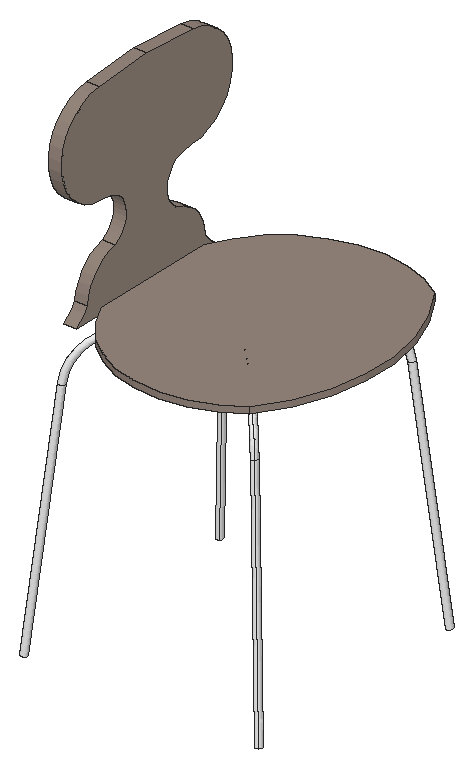
Revit family "Chair 1", category Furniture, Revit 2026
Family settings
  Work Plane-Based = No
  Enable Cutting in Views = No
  Always vertical = Yes
  Cut with Voids When Loaded = No
  Render Appearance Source = Family Geometry
  Shared = No
  Room Calculation Point = No
Parameters
  Type Comments = "I"
  Keynote = "C"
  Manufacturer = ""
  Default Elevation = 0 mm
  Bracket Material = Herman Miller - Finish 47 Trivalent Chrome
  Model = ""
  Cushion/Chair Back Material = Herman Miller - Veneer Z5 Maple
  BG_DIM_Width1 [instance] = 1500 mm
  BG_DIM_Height1 [instance] = 900 mm
  BG_DIM_Depth1 [instance] = 300 mm
  Assembly Code = "Ase1"
Types (4, lengths in mm): name | Type Comments | Keynote | BG_DIM_Width1 | BG_DIM_Height1 | BG_DIM_Depth1 | Assembly Code
  (no name) | "I" | "C" | 1500 | 900 | 300 | "Ase1"
  Type 1A | "G" | "A" | 1300 | 700 | 100 | "Ase1"
  Type 1B | "" | "12600" | 0 | 0 | 0 | 0
  Type 1C | "H" | "B" | 1400 | 800 | 200 | "Ase1"
Reference planes
  plane 1 "Center F/B": y = -198.997
  plane 2: z = 0
  plane 3 "Center L/R": x = -1.022
Forms (mm)
  Sweep 1, solid, material "Herman Miller - Finish 47 Trivalent Chrome" <- "Bracket Material"
    path origin (61.052, -65.204, 45) x (0, 0, -1) y (0.707107, -0.707107, 0)
      loop
        line (45, -82.843) -> (-332.364, -36.508)
        arc (-332.364, -36.508) -> (-382.531, -10.114) -> (-402.615, 42.895) r 80
        line (-402.615, 42.895) -> (-402.615, 181.322)
    profile origin (18.855, -23.007, 188.682) x (-0.701836, 0.701836, 0.121869) y (-0.707107, -0.707107, 0)
      loop
        circle (0, 0) r 5
  Sweep 2, solid, material "Herman Miller - Finish 47 Trivalent Chrome" <- "Bracket Material"
    path origin (57.516, -325.168, 45) x (0, 0, -1) y (0.707107, 0.707107, 0)
      loop
        line (45, -82.843) -> (-332.364, -36.508)
        arc (-332.364, -36.508) -> (-382.531, -10.114) -> (-402.615, 42.895) r 80
        line (-402.615, 42.895) -> (-402.615, 181.322)
    profile origin (15.319, -367.364, 188.682) x (-0.701836, -0.701836, 0.121869) y (0.707107, -0.707107, 0)
      loop
        circle (0, 0) r 5
  Sweep 3, solid, material "Herman Miller - Finish 47 Trivalent Chrome" <- "Bracket Material"
    path origin (303.338, -65.204, 45) x (0, 0, -1) y (0.707107, 0.707107, 0)
      loop
        line (45, 82.843) -> (-332.364, 36.508)
        arc (-332.364, 36.508) -> (-382.531, 10.114) -> (-402.615, -42.895) r 80
        line (-402.615, -42.895) -> (-402.615, -181.322)
    profile origin (345.535, -23.007, 188.682) x (0.701836, 0.701836, 0.121869) y (-0.707107, 0.707107, 0)
      loop
        circle (0, 0) r 5
  Sweep 4, solid, material "Herman Miller - Finish 47 Trivalent Chrome" <- "Bracket Material"
    path origin (306.873, -325.168, 45) x (0, 0, -1) y (0.707107, -0.707107, 0)
      loop
        line (45, 82.843) -> (-332.364, 36.508)
        arc (-332.364, 36.508) -> (-382.531, 10.114) -> (-402.615, -42.895) r 80
        line (-402.615, -42.895) -> (-402.615, -181.322)
    profile origin (349.07, -367.364, 188.682) x (0.701836, -0.701836, 0.121869) y (0.707107, 0.707107, 0)
      loop
        circle (0, 0) r 5
  Extrusion 5, solid, material "Herman Miller - Veneer Z5 Maple" <- "Cushion/Chair Back Material"
    sketch origin (0, 0, 0) x (1, 0, 0) y (0, 1, 0)
      loop
        arc (340, -9.099) -> (152.776, 17.913) -> (32.728, -128.274) r 192.616
        line (32.728, -128.274) -> (32.728, -249.923)
        arc (32.728, -249.923) -> (152.776, -396.11) -> (340, -369.099) r 192.616
        arc (340, -369.099) -> (400.673, -189.099) -> (340, -9.099) r 297.34
    from 450 to 460
  Extrusion 6, solid, material "Herman Miller - Veneer Z5 Maple" <- "Cushion/Chair Back Material"
    sketch origin (390, -409.099, -27.081) x (0, 0, -1) y (0, 1, 0)
      loop
        arc (-498.809, 95.839) -> (-486.21, 86.065) -> (-477.081, 72.99) r 53.087
        line (-477.081, 72.99) -> (-477.081, 347.212)
        arc (-477.081, 347.212) -> (-486.21, 334.138) -> (-498.809, 324.364) r 53.087
        arc (-498.809, 324.364) -> (-539.073, 308.301) -> (-561.143, 270.989) r 67.175
        arc (-561.143, 270.989) -> (-601.737, 249.17) -> (-634.197, 281.887) r 38.521
        line (-634.197, 281.887) -> (-636.604, 298.938)
        arc (-636.604, 298.938) -> (-714.694, 376.726) -> (-796.127, 302.444) r 79.872
        line (-796.127, 302.444) -> (-802.584, 210.101) -> (-796.127, 117.759)
        arc (-796.127, 117.759) -> (-714.694, 43.477) -> (-636.604, 121.265) r 79.872
        line (-636.604, 121.265) -> (-634.197, 138.316)
        arc (-634.197, 138.316) -> (-601.737, 171.033) -> (-561.143, 149.213) r 38.521
        arc (-561.143, 149.213) -> (-539.073, 111.901) -> (-498.809, 95.839) r 67.175
    from -367.272 to -347.272
Dimensions and locks
  aligned and locked: plane 1 "Center F/B" to Extrusion 6
